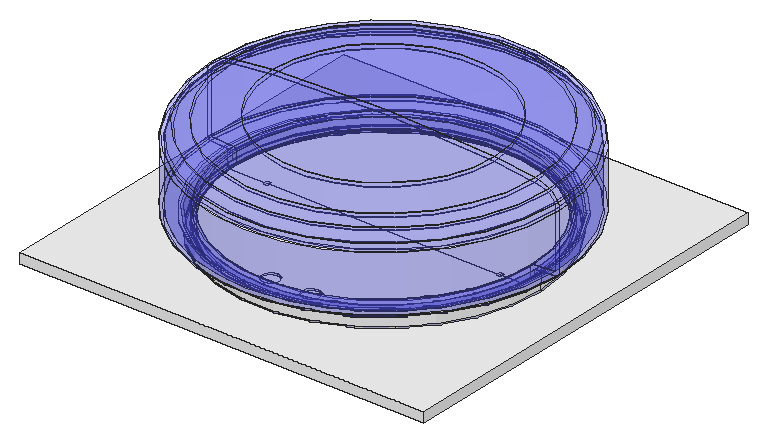
Revit family "BE_50036P_de_DE", category Leuchten, Revit 2020
Family settings
  Basisbauteil = Fläche
  Bemaßung runder Anschluss = Durchmesser verwenden
  Teiletyp = Normal
  Beim Laden mit Abzugskörper schneiden = Ja
  Lichtquelle = Ja
  Gemeinsam genutzt = Nein
  Raumberechnungspunkt = Ja
Parameters (values of type "BEGA_50036P_K4")
  built-in parameter 1150104 = 11.604 (stored number, unit not read)
  Wattage = 26.9 W
  Default Elevation = 0 mm
  built-in parameter 1150113 = 1 (stored number, unit not read)
  built-in parameter 1114218 = 1 (stored number, unit not read)
  Umgebungstemperatur = "25 °C"
  URL = "https://www.bega.com/de/produkt/50036P"
  Typenkommentare = "© 2022 BEGA. Wir behalten uns das Recht vor, technische Änderungen ohne vorherige Ankündigung vorzunehmen."  # constant formula
  built-in parameter 1150134 = (empty or 0)
  built-in parameter 1150109 = 1 (stored number, unit not read)
  Strom = ""
  built-in parameter 1150110 = 1 (stored number, unit not read)
  Spannung = 239.996 V
  Sonderanfertigung = no
  Seriennummer [instance] = "Hier können Sie die eindeutige Seriennummer für das Facility Management eintragen."
  Schutzklasse = "I"
  Schutzart = "IP 20"
  Scheinlast = 0 VA
  Produktdatenblatt = "http://www.bega.de/download/Xrfa/db/50036P.db.de.pdf"
  Oberflächentemperatur = ""
  Neigungswinkel = 0.00°
  Model = "50036PK2"
  Material_17 = BEGA_Reflektor
  Material_15 = BEGA_Leuchtmedium_matt
  Material_14 = BEGA_Kunststoff_opal
  Material_11 = BEGA_Glas_opal
  Material_09 = BEGA_Glas_klar
  Material_06 = BEGA_Oberfläche_Edelstahl_gebürstet
  Material_03 = BEGA_Oberfläche_Weiss_matt
  Material_02 = BEGA_Oberfläche_Silber_matt
  Material_01 [instance] = BEGA_Oberfläche_Grafit_matt
  M_W = no
  M_G = no
  M_A = no
  Logo = 0
  built-in parameter 1114217 = 1 (stored number, unit not read)
  built-in parameter 1150139 = (empty or 0)
  built-in parameter 1150105 = 839.66 (stored number, unit not read)
  built-in parameter 1150114 = 1 (stored number, unit not read)
  Lumens = 3359.81 lm
  built-in parameter 1150115 = 1 (stored number, unit not read)
  Leuchtenlichtstrom = "2863 lm"
  Leuchtenanzahl = ""
  Lebensdauerkriterien = "L70B50 @ 25 °C = 171000 h"
  Lastklassifizierung = Beleuchtung
  built-in parameter 1150112 = 1 (stored number, unit not read)
  Lampenlichtstrom = "3360 lm"
  Lamp = "LED 26.9 W"
  LED_Modulbezeichnung = "LED-0510/927"
  Hersteller = "BEGA"  # constant formula
  Halbstreuwinkel = ""
  Gewicht = ""
  Gebrauchslageneinschränkung [instance] = ""
  Frequenz = "0/50-60 Hz"
  Farbwiedergabeindex = "CRI > 90"
  Farbtemperaturverschiebung bei Dämpfen der Lampe = <Keine Auswahl>
  Farbtemperatur = "2700 K"
  Color Filter = 16777215
  built-in parameter 1150133 = 10 (stored number, unit not read)
  Energieeffizienzklasse = "LED A++ - A"
  built-in parameter 1150137 = (empty or 0)
  built-in parameter 1150132 = (empty or 0)
  ENEC = "ja"
  Dimmbar [instance] = "DALI"
  Photometric Web File = "BE_50036PK2.IES"
  CE_Konformität = "ja"
  Bestellnummer = "50036PK2"
  Beschreibung_Sonderanfertigung = "Hier können Sie Informationen zur Sonderanfertigung eintragen."
  Beschreibung = "Decken- und Wandleuchte"
  built-in parameter 1150106 = 8.3966 (stored number, unit not read)
  Befestigungsbohrung = "Ø 5,5 mm"
  Befestigungsabstand = "230 mm"
  Ballwurfsicher = ""
  BEGA_Intern_aus = yes
  BEGA_Intern_an = yes
  BEGA_Intern_Konstruktion = yes
  BEGA_Intern = yes
  BEGA_IES = yes
  BEGA_Dummy = no
  Anschlussleitung = ""
  Anschlussleistung [instance] = "30 W"
  Anschlusskasten = ""
  built-in parameter 1150107 = 2700 (stored number, unit not read)
  built-in parameter 1150102 = (empty or 0)
  built-in parameter 1150138 = (empty or 0)
  Aktualisierung = "2020-05-11T04:00:10"
  Abstand_zur_angestrahlten_Fläche [instance] = ""
  AC/DC = "AC/DC"
Types (3, lengths in mm): name | built-in parameter 1150104 | built-in parameter 1150134 | Model | built-in parameter 1150105 | Lumens | Leuchtenlichtstrom | Lampenlichtstrom | LED_Modulbezeichnung | Farbtemperatur | Photometric Web File | Bestellnummer | built-in parameter 1150106 | built-in parameter 1150107
  BEGA_50036P_K4 | 12.124 (stored number, unit not read) | 12 | "50036PK4" | 279.35 (stored number, unit not read) | 3510.45 lm | "3384 lm" | "3970 lm" | "LED-0510/930" | "4000 K" | "BE_50036PK4.IES" | "50036PK4" | 2.7935 (stored number, unit not read) | 4000 (stored number, unit not read)
  BEGA_50036P_K3 | 11.687 (stored number, unit not read) | (empty or 0) | "50036PK3" | 845.71 (stored number, unit not read) | 3384.02 lm | "3384 lm" | "3970 lm" | "LED-0510/930" | "3000 K" | "BE_50036PK3.IES" | "50036PK3" | 8.4571 (stored number, unit not read) | 3000 (stored number, unit not read)
  BEGA_50036P_K27 | 12.124 (stored number, unit not read) | 12 | "50036PK27" | 279.35 (stored number, unit not read) | 3510.45 lm | "3276 lm" | "3845 lm" | "LED-0510/927" | "2700 K" | "BE_50036PK27.IES" | "50036PK27" | 2.7935 (stored number, unit not read) | 4000 (stored number, unit not read)
Reference planes
  plane 1 "Mitte (Vorne/Hinten)": y = 0
  plane 2: z = 0
  plane 3 "Mitte (Links/Rechts)": x = 0
  plane 4 "Links": x = -174
  plane 5 "Rechts": x = 174
  plane 6 "Unten": y = -174
  plane 7 "Oben": y = 174
  plane 8 "Vorne": z = 109.9
  plane 9 "Hinten": z = 0
Forms (mm)
  Extrusion 1, solid, material "BEGA_Platte_Weiss"
    sketch origin (0, -1119.2, 0) x (1, 0, 0) y (0, 1, 0)
      loop
        line (-200, 1319.2) -> (-200, 919.2) -> (200, 919.2) -> (200, 1319.2) -> (-200, 1319.2)
    from 0 to -10
  Extrusion 2, solid, material "BEGA_Dummy_matt", visible <- "BEGA_Dummy"
    sketch origin (77.149, -76.023, 0) x (1, 0, 0) y (0, 1, 0)
      loop
        circle (-77.149, 76.023) r 174
    from 0 to 109.9
Dimensions and locks
  plane 1 "Mitte (Vorne/Hinten)" to Extrusion 1 = 200 mm
  aligned and locked: plane 2 to Extrusion 1
  aligned and locked: level to Extrusion 1
Nested families
  nested 1: "BE_50036P" at (0, 0, 0) x (0, -1, 0) z (0, 0, 1), type "BE_50036P"
Connectors
  electrical at (0, 0, 0), driven by "Lastklassifizierung", driven by "Spannung", driven by "Scheinlast"
    settings: index 1, voltage 239.996 V, apparent load 0 VA, apparent load phase1 0 VA, apparent load phase2 0 VA, apparent load phase3 0 VA, power factor 1, load classification "Beleuchtung", number of poles 1, system type 31, power factor state 1, is connector primary yes, connector utility no, sub classification motor no, connector description ""
Definition of nested family "BE_50036P"
  Parameters (values of type "BE_50036P")
    Default Elevation = 1 mm
    URL = "http://www.bega.de/de/produkt"
    Type Comments = "© 2015 BEGA. Wir behalten uns das Recht vor, technische Änderungen ohne vorherige Ankündigung vorzunehmen. "  # constant formula
    Type Image = (empty or 0)
    Neigungswinkel_um_Z2 = 0.00°
    Neigungswinkel_um_Z1 = 0.00°
    Neigungswinkel_um_Y2 = 0.00°
    Neigungswinkel_um_Y1 = 0.00°
    Neigungswinkel_um_X2 = 0.00°
    Neigungswinkel_um_X1 = 0.00°
    Material_17 = none
    Material_15 = none
    Material_14 = none
    Material_11 = none
    Material_09 = none
    Material_06 = none
    Material_05 = none
    Material_03 = none
    Material_02 = none
    Material_01 = none
    M_W = yes
    M_G = yes
    M_A = yes
    Länge_Platte = 400 mm  # constant formula
    Höhe_Platte = -10 mm  # constant formula
    Manufacturer = "BEGA"  # constant formula
    Drehwinkel_um_Z2 = 0.00°
    Drehwinkel_um_Z1 = 0.00°
    Breite_Platte = 400 mm  # constant formula
  Reference planes
    plane 1 "Mitte (Oben/Unten)": y = 0
    plane 2: z = 0
    plane 3 "Mitte (Links/Rechts)": x = 0
    plane 4: y = 174
    plane 5: z = 109.9
    plane 6: y = -174
    plane 7: x = -174
    plane 8: x = 174
  Forms (mm)
    Extrusion 1, solid, detail levels medium
      sketch origin (0, 0, 0) x (1, 0, 0) y (0, 1, 0)
        loop
          line (-200, 200) -> (-200, -200) -> (200, -200) -> (200, 200) -> (-200, 200)
      from 0 to -10 <- "Höhe_Platte"
    Revolve 2, solid, material <- "Material_03", detail levels medium+fine
      sketch origin (0, 0, 0) x (0, 1, 0) y (0, 0, 1)
        loop
          line (159, 19.8) -> (159, 20.8) -> (156.831, 20.8)
          arc (156.831, 20.8) -> (155.563, 20.284) -> (155.024, 19.025) r 1.8
          line (155.024, 19.025) -> (154.767, 4.283)
          arc (154.767, 4.283) -> (154.468, 3.587) -> (153.767, 3.3) r 1
          line (153.767, 3.3) -> (0, 3.3) -> (0, 2.3) -> (153.767, 2.3)
          arc (153.767, 2.3) -> (155.169, 2.873) -> (155.767, 4.265) r 2
          line (155.767, 4.265) -> (156.024, 19.01)
          arc (156.024, 19.01) -> (156.264, 19.571) -> (156.829, 19.8) r 0.8
          line (156.829, 19.8) -> (159, 19.8)
        axis (0, 2.3) -> (0, 20.8)
      angle from 0 to 360
    Revolve 3, solid, material <- "Material_03", detail levels medium+fine
      sketch origin (0, 0, 0) x (0, 1, 0) y (0, 0, 1)
        loop
          arc (124.13, 1.943) -> (124.474, 2.206) -> (124.896, 2.3) r 1
          line (124.896, 2.3) -> (125.896, 3.3) -> (117.75, 3.3) -> (117.75, 0) -> (121.108, 0)
          arc (121.108, 0) -> (122.369, 0.281) -> (123.395, 1.067) r 3
          line (123.395, 1.067) -> (124.13, 1.943)
        axis (115, 3.3) -> (115, 0)
      angle from 0 to 360
    Extrusion 4, void
      sketch origin (0, 0, 0) x (1, 0, 0) y (0, 1, 0)
        loop
          circle (115, 20) r 8.5
        loop
          circle (0, 115) r 2.75
        loop
          circle (0, -115) r 2.75
        loop
          circle (115, -20) r 8.5
      from 0 to 7.205
    Revolve 5, solid, material <- "Material_14", detail levels medium+fine
      sketch origin (0, 0, 0) x (0, 1, 0) y (0, 0, 1)
        loop
          arc (150.036, 101.343) -> (130.076, 104.141) -> (110.006, 106.001) r 430
          arc (110.006, 106.001) -> (55.038, 108.925) -> (0, 109.9) r 1553.99
          line (0, 109.9) -> (0, 105.9)
          arc (0, 105.9) -> (54.9, 104.927) -> (109.731, 102.01) r 1549.989
          arc (109.731, 102.01) -> (129.596, 100.17) -> (149.352, 97.401) r 426
          arc (149.352, 97.401) -> (156.196, 95.732) -> (162.704, 93.037) r 46
          arc (162.704, 93.037) -> (166.507, 90.109) -> (168.988, 86) r 13
          arc (168.988, 86) -> (169.743, 83.257) -> (170, 80.424) r 16
          line (170, 80.424) -> (170, 25.506) -> (148.791, 24.394)
          arc (148.791, 24.394) -> (146.425, 23.461) -> (145.1, 21.289) r 4
          line (145.1, 21.289) -> (145.1, 11.074)
          arc (145.1, 11.074) -> (145.5, 9.577) -> (146.592, 8.479) r 3.001
          line (146.592, 8.479) -> (148.263, 7.514)
          arc (148.263, 7.514) -> (149.358, 6.407) -> (149.75, 4.9) r 3.002
          line (149.75, 4.9) -> (153.75, 4.9) -> (153.75, 8.384)
          arc (153.75, 8.384) -> (153.617, 8.887) -> (153.25, 9.256) r 1
          line (153.25, 9.256) -> (149.499, 11.421)
          arc (149.499, 11.421) -> (149.133, 11.787) -> (148.999, 12.287) r 1
          line (148.999, 12.287) -> (149, 19.451)
          arc (149, 19.451) -> (149.272, 20.136) -> (149.94, 20.449) r 1
          line (149.94, 20.449) -> (171.157, 21.561)
          arc (171.157, 21.561) -> (173.176, 22.492) -> (174, 24.557) r 3
          line (174, 24.557) -> (174, 80.418)
          arc (174, 80.418) -> (173.68, 83.965) -> (172.735, 87.4) r 20
          arc (172.735, 87.4) -> (169.48, 92.785) -> (164.489, 96.617) r 17
          arc (164.489, 96.617) -> (157.443, 99.532) -> (150.036, 101.343) r 50
        axis (0, 109.9) -> (0, 4.9)
      angle from 0 to 360
    Revolve 6, solid, material <- "Material_03", detail levels medium+fine
      sketch origin (0, 0, 0) x (0, -1, 0) y (0, 0, 1)
        loop
          arc (124.13, 1.943) -> (124.474, 2.206) -> (124.896, 2.3) r 1
          line (124.896, 2.3) -> (125.896, 3.3) -> (117.75, 3.3) -> (117.75, 0) -> (121.108, 0)
          arc (121.108, 0) -> (122.369, 0.281) -> (123.395, 1.067) r 3
          line (123.395, 1.067) -> (124.13, 1.943)
        axis (115, 3.3) -> (115, 0)
      angle from 0 to 360
  Cuts and joins
    Extrusion 4 cuts Revolve 2
    Extrusion 4 cuts Revolve 3
    joined: Revolve 2, Revolve 3, Revolve 6
  Dimensions and locks
    equal spacing: Extrusion 1 sketch curve, plane 3 "Mitte (Links/Rechts)", Extrusion 1 sketch curve
    equal spacing: Extrusion 1 sketch curve, plane 1 "Mitte (Oben/Unten)", Extrusion 1 sketch curve
    "Länge_Platte": Extrusion 1 sketch curve to Extrusion 1 sketch curve
    "Breite_Platte": Extrusion 1 sketch curve to Extrusion 1 sketch curve
    aligned and locked: plane 2 to Extrusion 1
    aligned and locked: level to Extrusion 1
  Automatic sketch dimensions
    Revolve 2 sketch curve to Revolve 2 sketch curve = 0 mm  (x10)
    Revolve 2 sketch curve to plane 1 "Mitte (Oben/Unten)" = 0 mm  (x2)
    level to Revolve 2 sketch curve = 4.3 mm
    level to Revolve 2 sketch curve = 4.283 mm
    Revolve 2 sketch curve to Revolve 2 sketch curve = 1 mm  (x4)
    Revolve 2 sketch curve to Revolve 2 sketch curve = 0.257 mm
    level to Revolve 2 sketch curve = 4.265 mm
    Revolve 2 sketch curve to Revolve 2 sketch curve = 0.8 mm
    Revolve 2 sketch curve to Revolve 2 sketch curve = 0.004 mm
    Revolve 2 sketch curve to Revolve 2 sketch curve = 0.002 mm
    Revolve 2 sketch curve to Revolve 2 sketch curve = 2.169 mm
    Revolve 2 sketch curve to Revolve 2 sketch curve = 14.735 mm
    Revolve 2 sketch curve to Revolve 2 sketch curve = 0.01 mm
    Revolve 2 sketch curve to Revolve 2 sketch curve = 0.015 mm
    Revolve 2 sketch curve to Revolve 2 sketch curve = 4 mm
    Revolve 3 sketch curve to level = 0 mm
    level to Revolve 3 sketch curve = 3.3 mm
    Revolve 3 sketch curve to Revolve 3 sketch curve = 3.351 mm
    Revolve 3 sketch curve to Revolve 3 sketch curve = 0.007 mm
    level to Revolve 3 sketch curve = 1.067 mm
    level to Revolve 3 sketch curve = 1.3 mm
    Revolve 3 sketch curve to Revolve 3 sketch curve = 1 mm  (x2)
    Revolve 3 sketch curve to Revolve 3 sketch curve = 2.75 mm
    Revolve 3 sketch curve to Revolve 3 sketch curve = 0.766 mm
    Revolve 3 sketch curve to Revolve 3 sketch curve = 0 mm  (x3)
    Revolve 3 sketch curve to level = 2.001 mm
    Revolve 3 sketch curve to Revolve 3 sketch curve = 2 mm
    Revolve 6 sketch curve to level = 0 mm
    Revolve 6 sketch curve to level = 3.3 mm
    Revolve 6 sketch curve to Revolve 6 sketch curve = 3.351 mm
    Revolve 6 sketch curve to Revolve 6 sketch curve = 0.007 mm
    Revolve 6 sketch curve to level = 1.067 mm
    Revolve 6 sketch curve to level = 1.3 mm
    Revolve 6 sketch curve to Revolve 6 sketch curve = 1 mm  (x2)
    Revolve 6 sketch curve to Revolve 6 sketch curve = 2.75 mm
    Revolve 6 sketch curve to Revolve 6 sketch curve = 0.766 mm
    Revolve 6 sketch curve to Revolve 6 sketch curve = 0 mm  (x3)
    level to Revolve 6 sketch curve = 2.001 mm
    Revolve 6 sketch curve to Revolve 6 sketch curve = 2 mm
    Extrusion 4 sketch curve to plane 3 "Mitte (Links/Rechts)" = 0 mm  (x2)
    plane 1 "Mitte (Oben/Unten)" to Extrusion 4 sketch curve = 20 mm
    Extrusion 4 sketch curve to plane 1 "Mitte (Oben/Unten)" = 20 mm
    Revolve 5 sketch curve to Revolve 5 sketch curve = 0 mm  (x33)
    plane 1 "Mitte (Oben/Unten)" to Revolve 5 sketch curve = 0.01 mm
    plane 1 "Mitte (Oben/Unten)" to Revolve 5 sketch curve = 0 mm
    level to Revolve 5 sketch curve = 8.479 mm
    Revolve 5 sketch curve to Revolve 5 sketch curve = 1.492 mm
    Revolve 5 sketch curve to Revolve 5 sketch curve = 0.156 mm
    Revolve 5 sketch curve to Revolve 5 sketch curve = 1.509 mm
    level to Revolve 5 sketch curve = 7.514 mm
    Revolve 5 sketch curve to Revolve 5 sketch curve = 1.671 mm
    Revolve 5 sketch curve to Revolve 5 sketch curve = 3.9 mm
    level to Revolve 5 sketch curve = 11.421 mm
    Revolve 5 sketch curve to Revolve 5 sketch curve = 1.397 mm
    Revolve 5 sketch curve to Revolve 5 sketch curve = 3.001 mm
    Revolve 5 sketch curve to Revolve 5 sketch curve = 0.94 mm
    Revolve 5 sketch curve to Revolve 5 sketch curve = 1 mm  (x3)
    Revolve 5 sketch curve to Revolve 5 sketch curve = 0.501 mm
    Revolve 5 sketch curve to Revolve 5 sketch curve = 3.251 mm
    Revolve 5 sketch curve to Revolve 5 sketch curve = 2.81 mm
    Revolve 5 sketch curve to Revolve 5 sketch curve = 20.06 mm
    Revolve 5 sketch curve to Revolve 5 sketch curve = 4 mm  (x2)
    Revolve 5 sketch curve to Revolve 5 sketch curve = 2.591 mm
    Revolve 5 sketch curve to level = 322.977 mm
    Revolve 5 sketch curve to Revolve 5 sketch curve = 1121.112 mm
    Revolve 5 sketch curve to Revolve 5 sketch curve = 0.001 mm
    Revolve 5 sketch curve to Revolve 5 sketch curve = 3.485 mm
    Revolve 5 sketch curve to Revolve 5 sketch curve = 0.005 mm
    Revolve 5 sketch curve to Revolve 5 sketch curve = 0.348 mm
    Revolve 5 sketch curve to Revolve 5 sketch curve = 0.866 mm
    Revolve 5 sketch curve to Revolve 5 sketch curve = 7.164 mm
    Revolve 5 sketch curve to Revolve 5 sketch curve = 0.049 mm
    Revolve 5 sketch curve to Revolve 5 sketch curve = 0.889 mm
    Revolve 5 sketch curve to Revolve 5 sketch curve = 4.108 mm
    Revolve 5 sketch curve to Revolve 5 sketch curve = 0.949 mm
    Revolve 5 sketch curve to Revolve 5 sketch curve = 28.392 mm
    Revolve 5 sketch curve to Revolve 5 sketch curve = 0.006 mm
    Revolve 5 sketch curve to Revolve 5 sketch curve = 1.05 mm
    Revolve 5 sketch curve to Revolve 5 sketch curve = 0.275 mm
    Revolve 5 sketch curve to Revolve 5 sketch curve = 0.209 mm
    Revolve 5 sketch curve to Revolve 5 sketch curve = 0.5 mm  (x2)
    Revolve 5 sketch curve to Revolve 5 sketch curve = 0.683 mm
    level to Revolve 5 sketch curve = 9.256 mm
    Revolve 5 sketch curve to Revolve 5 sketch curve = 5.894 mm
    Revolve 5 sketch curve to Revolve 5 sketch curve = 1.785 mm
    Revolve 5 sketch curve to Revolve 5 sketch curve = 1.012 mm
    Revolve 5 sketch curve to Revolve 5 sketch curve = 0.157 mm
    level to Revolve 5 sketch curve = 21.561 mm
    Revolve 5 sketch curve to Revolve 5 sketch curve = 3.747 mm
    Revolve 5 sketch curve to Revolve 5 sketch curve = 27.614 mm
    Revolve 5 sketch curve to Revolve 5 sketch curve = 1.032 mm
    level to Revolve 5 sketch curve = 105.9 mm
    Revolve 5 sketch curve to Revolve 5 sketch curve = 13.352 mm
    Revolve 5 sketch curve to Revolve 5 sketch curve = 40 mm
    plane 3 "Mitte (Links/Rechts)" to Extrusion 4 sketch curve = 115 mm
    Extrusion 4 sketch curve to Extrusion 4 sketch curve = 0 mm
    plane 4 to Revolve 2 sketch curve = 20.233 mm
    plane 4 to Revolve 3 sketch curve = 56.25 mm
    Revolve 3 sketch curve to Revolve 3 sketch curve = 2.287 mm
    Revolve 3 sketch curve to Revolve 3 sketch curve = 1.501 mm
    plane 4 to Extrusion 4 sketch curve = 59 mm
    Revolve 5 sketch curve to plane 4 = 0 mm
    Revolve 5 sketch curve to plane 1 "Mitte (Oben/Unten)" = 80.374 mm
    Revolve 5 sketch curve to Revolve 5 sketch curve = 6.887 mm
    Revolve 5 sketch curve to Revolve 5 sketch curve = 14.988 mm
    plane 5 to Revolve 5 sketch curve = 7.89 mm
    plane 6 to Extrusion 4 sketch curve = 59 mm
    Revolve 6 sketch curve to plane 6 = 56.25 mm
    Revolve 6 sketch curve to Revolve 6 sketch curve = 2.287 mm
    Revolve 6 sketch curve to Revolve 6 sketch curve = 1.501 mm
    radius of Extrusion 4 sketch curve = 8.5 mm  (x2)
    radius of Extrusion 4 sketch curve = 2.75 mm  (x2)
